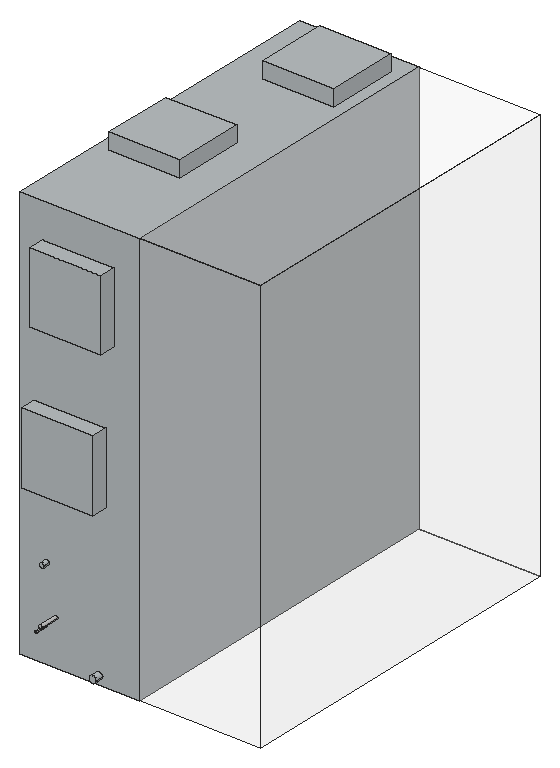
Revit family "lb-150_200df8-50_50Hz", category 機械設備, Revit 2019
Family settings
  丸型コネクタ寸法 = 直径を使用
  パーツ タイプ = 標準
  OmniClass 番号 = 23.75.10.34.21
  OmniClass タイトル = Heat Exchangers for Ventilation Air
  作業面ベース = いいえ
  常に垂直 = はい
  ロード時にボイドで切り取り = いいえ
  共有 = いいえ
  部屋計算ポイント = いいえ
Parameters (values of type "LB-150DF8-60")
  騒音レベル(dB(A)) = 45.5
  風量 = 1500.0 m³/h
  面風速 = 3.4 m/s
  電源種別 [instance] = ""
  電圧 = 200 V
  電動機出力 = 0 W
  集中コントローラ = ""
  運転質量 = 0.00 kg
  連動 [instance] = ""
  質量 = if(製品質量 > 運転質量, 製品質量, 運転質量) * 1.2  # 456.00 kg
  負荷分類 = 3_ファン類
  説明 = "設備用ロスナイ 床置ビルトイン形加熱加湿付"
  設計風量 = 0.0 m³/h
  設置方法 = "床置形"
  記号 [instance] = ""
  製造元 = "三菱電機株式会社"
  製品質量 = 380.00 kg
  製品出荷対象 = "国内"
  製品リリース年月 = "2021/4/1"
  製品グループ = ""
  給水管_W = 133 mm
  給水管_H = 452 mm
  給水管_Depth = 29 mm
  系統 [instance] = ""
  符号 = "HEU"
  積算_科目 = "1 空気調和設備"
  積算_拾い区分 [instance] = ""
  相 = 3
  盤記号 [instance] = ""
  発停方法 [instance] = ""
  特殊仕様 [instance] = ""
  火災停止 [instance] = ""
  温度交換効率 = 70.00%
  消費電力 = 1500 W
  法定耐用年数 = "15"
  機外静圧_排気 = 185.0 Pa
  機外静圧 = 185.0 Pa
  極数 = 3
  材質 [instance] = ""
  本体固定用穴ピッチ2 = 1680 mm
  本体固定用穴ピッチ1 = 460 mm
  本体固定用穴_径 = 20 mm
  本体マテリアル = 溶融亜鉛めっき鋼板
  有効加湿量 = 8.3
  操作・制御方式 = ""
  操作・制御スイッチ = ""
  排気量 = 0.0 m³/h
  形式 = "床置形"
  幹線記号 [instance] = ""
  対象室 [instance] = ""
  実風量 = 0.0 m³/h
  始動方式 [instance] = "直入"
  外気量 = 0.0 m³/h
  呼称 = "全熱交換ユニット"
  周波数 = 60 Hz
  参照している仕様書等のバージョン = "公共建築工事標準仕様書（機械設備工事編）平成31年度版"
  加湿給水管径 = 21.7 mm
  初期抵抗 = 0.0 Pa
  分類コード = "50052504100050"
  分類グループ = ""
  冷媒液管径 = 9.52 mm
  冷媒液管_W = 127 mm
  冷媒液管_H = 169 mm
  冷媒液管_Depth = 59 mm
  冷媒ガス管径 = 15.88 mm
  冷媒ガス管_W = 52 mm
  冷媒ガス管_H = 55 mm
  冷媒ガス管_Depth = 95 mm
  価格 = 0
  企業コード = "108420"
  付属品_フィルター_還気 = ""
  付属品_フィルター = ""
  付属品 [instance] = ""
  仕様書バージョン = "Version1.0"
  Model = "LB-150DF8-60"
  メンテナンススペース = yes
  ドレン管径 = 34 mm
  ドレン管_W = 200 mm
  ドレン管_H = 41 mm
  ドレン管_Depth = 37 mm
  コメント [instance] = ""
  Keynote = ""
  エンタルピ交換効率_暖房 = 69.50%
  エンタルピ交換効率_冷房 = 67.00%
  Assembly Code = ""
  Width = 590 mm
  Version = ""
  Uniclass2015Version = "Systems v1.9"
  Uniclass2015Title = "Thermal wheels"
  Uniclass2015Code = "Pr_60_60_36_88"
  URL = "https://www.mitsubishielectric.co.jp/ldg/wink/ssl/displayProduct.do?pid=311597"
  SpecificationReference = ""
  SpecificationDescription = ""
  SAサイズ_W = 352 mm
  SAサイズ_D = 352 mm
  Revision = ""
  RAサイズ_W = 352 mm
  RAサイズ_D = 352 mm
  ProductInformation = ""
  OmniClassCode = "23-27 23 19 11"
  OAサイズ_W = 352 mm
  OAサイズ_D = 352 mm
  MIN風量 = 0.0 m³/h
  MIN静圧 = 0.0 Pa
  MID風量 = 0.0 m³/h
  MID静圧 = 0.0 Pa
  MAX風量 = 1500.0 m³/h
  MAX静圧 = 185.0 Pa
  IfcTypeProduct = ""
  IfcProduct = ""
  IfcExportType = "ROTARYWHEEL"
  IfcExportAs = "IfcAirToAirHeatRecoveryType"
  Height = 2047 mm
  EAサイズ_W = 352 mm
  EAサイズ_D = 352 mm
  Duct_SA_W = 165 mm
  Duct_SA_H = 798 mm
  Duct_RA_W = 125 mm
  Duct_RA_H = 372 mm
  Duct_OA_W = 174 mm
  Duct_OA_D = 458 mm
  Duct_Height = 80 mm
  Duct_EA_W = 61 mm
  Duct_EA_D = 98 mm
  Depth = 1730 mm
  Clearance Top = 0 mm
  Clearance Right = 600 mm
  Clearance Left = 0 mm
  Clearance Front = 0 mm
  Clearance Bottom = 0 mm
  Clearance Back = 0 mm
  Author = "三菱電機株式会社"
Types (2, lengths in mm): name | 騒音レベル(dB(A)) | 風量 | 面風速 | 質量 | 製品質量 | 消費電力 | 有効加湿量 | Model | エンタルピ交換効率_暖房 | URL | SAサイズ_D | RAサイズ_W | OAサイズ_W | MAX風量 | EAサイズ_W | Duct_SA_H | Duct_RA_W | Duct_OA_W
  LB-150DF8-60 | 45.5 | 1500.0 m³/h | 3.4 m/s | 456.00 kg | 380.00 kg | 1500 W | 8.3 | "LB-150DF8-60" | 69.50% | "https://www.mitsubishielectric.co.jp/ldg/wink/ssl/displayProduct.do?pid=311597" | 352 | 352 | 352 | 1500.0 m³/h | 352 | 798 | 125 | 174
  LB-200DF8-60 | 47 | 2000.0 m³/h | 3.53 m/s | 468.00 kg | 390.00 kg | 2100 W | 9.7 | "LB-200DF8-60" | 69.00% | "https://www.mitsubishielectric.co.jp/ldg/wink/ssl/displayProduct.do?pid=311610" | 452 | 452 | 452 | 2000.0 m³/h | 452 | 698 | 74 | 74
Reference planes
  plane 1 "中心(正面/背面)": y = 0
  plane 2: z = 0
  plane 3 "中心(左/右)": x = 0
  plane 4: x = 295
  plane 5: y = 865
  plane 6: y = -865
  plane 7: x = -295
  plane 8: y = -219
  plane 9: y = 591
  plane 10: y = -43
  plane 11: y = -395
  plane 12: y = 767
  plane 13: y = 415
  plane 14: x = -231
  plane 15: x = 121
  plane 16: z = 2047
  plane 17: z = 2127
  plane 18: y = 840
  plane 19: y = -840
  plane 20: x = -230
  plane 21: x = 230
  plane 22: x = 895
  plane 23: x = -295
  plane 24: y = 865
  plane 25: y = -865
  plane 26: z = 2047
  plane 27: z = 0
  plane 28: x = 234
  plane 29: x = -118
  plane 30: z = 798
  plane 31: z = 1150
  plane 32: z = 1874
  plane 33: z = 1522
  plane 34: x = 130
  plane 35: x = -222
  plane 36: x = 170
  plane 37: x = -182
  plane 38: y = -945
  plane 39: x = 95
  plane 40: z = 41
  plane 41: x = -162
  plane 42: z = 452
  plane 43: y = -894
  plane 44: y = -902
  plane 45: x = -168
  plane 46: z = 169
  plane 47: x = -116
  plane 48: z = 224
  plane 49: y = -960
  plane 50: y = -924
Forms (mm)
  Extrusion 1, solid, material "溶融亜鉛めっき鋼板" <- "本体マテリアル", detail levels fine
    sketch origin (0, 0, 0) x (1, 0, 0) y (0, 1, 0)
      loop
        line (-295, 865) -> (-295, -865) -> (295, -865) -> (295, 865) -> (-295, 865)
    from 0 to 2047
  Extrusion 2, solid, material "溶融亜鉛めっき鋼板" <- "本体マテリアル", detail levels fine
    sketch origin (0, 0, 0) x (1, 0, 0) y (0, 1, 0)
      loop
        line (-118, 767) -> (-118, 415) -> (234, 415) -> (234, 767) -> (-118, 767)
      loop
        line (-231, -43) -> (-231, -395) -> (121, -395) -> (121, -43) -> (-231, -43)
    from 2047 to 2127
  Extrusion 3, solid, material "溶融亜鉛めっき鋼板" <- "本体マテリアル", detail levels fine
    sketch origin (0, 0, 0) x (1, 0, 0) y (0, 0, 1)
      loop
        line (130, 798) -> (130, 1150) -> (-222, 1150) -> (-222, 798) -> (130, 798)
      loop
        line (170, 1874) -> (-182, 1874) -> (-182, 1522) -> (170, 1522) -> (170, 1874)
    from 865 to 945
  Extrusion 4, solid, material "溶融亜鉛めっき鋼板" <- "本体マテリアル", detail levels fine
    sketch origin (0, 0, 0) x (1, 0, 0) y (0, 0, 1)
      loop
        circle (95, 41) r 17
    from 865 to 902
  Extrusion 5, solid, material "溶融亜鉛めっき鋼板" <- "本体マテリアル", detail levels fine
    sketch origin (0, 0, 0) x (1, 0, 0) y (0, 0, 1)
      loop
        circle (-162, 452) r 10.85
    from 865 to 894
  Extrusion 6, solid
    sketch origin (0, 0, 0) x (1, 0, 0) y (0, 0, 1)
      loop
        circle (-168, 169) r 4.76
    from 865 to 924
  Extrusion 7, solid
    sketch origin (0, 0, 0) x (1, 0, 0) y (0, 0, 1)
      loop
        circle (-116, 224) r 7.94
    from 865 to 960
Lines and regions (mm)
  Masking region 1, detail levels coarse+medium
    outline origin (1331.5, 88, 0) x (1, 0, 0) y (0, 1, 0)
      loop
        line (-1626.5, 777) -> (-1626.5, -953) -> (-1036.5, -953) -> (-1036.5, 777) -> (-1626.5, 777)
  symbolic lines, detail levels coarse+medium
    curve 1: line (0, 865, 0) -> (-295, 0, 0)
    curve 2: line (-295, 0, 0) -> (0, -865, 0)
    curve 3: line (0, -865, 0) -> (295, 0, 0)
    curve 4: line (0, 865, 0) -> (295, 0, 0)
Dimensions and locks
  equal spacing: plane 5, plane 1 "中心(正面/背面)", plane 6
  "Depth": plane 5 to plane 6
  equal spacing: plane 11, plane 8, plane 10
  "OAサイズ_D": plane 11 to plane 10
  equal spacing: plane 13, plane 9, plane 12
  "EAサイズ_D": plane 13 to plane 12
  "Duct_Height": plane 17 to plane 16
  equal spacing: plane 20, plane 3 "中心(左/右)", plane 21
  "本体固定用穴ピッチ1": plane 20 to plane 21
  "Clearance Right": plane 4 to plane 22
  "Clearance Left": plane 23 to plane 7
  "Clearance Back": plane 24 to plane 5
  "Clearance Front": plane 6 to plane 25
  "Clearance Top": plane 26 to plane 16
  "Clearance Bottom": level to plane 27
  equal spacing: plane 7, plane 3 "中心(左/右)", plane 4
  "Width": plane 7 to plane 4
  "Height": plane 26 to level
  "Duct_OA_D": plane 13 to plane 10
  "Duct_EA_D": plane 5 to plane 12
  "Duct_OA_W": plane 15 to plane 4
  "OAサイズ_W": plane 14 to plane 15
  "Duct_EA_W": plane 28 to plane 4
  "EAサイズ_W": plane 29 to plane 28
  "Duct_SA_H": plane 30 to level
  "SAサイズ_D": plane 31 to plane 30
  "Duct_RA_H": plane 33 to plane 31
  "RAサイズ_D": plane 32 to plane 33
  "Duct_SA_W": plane 4 to plane 34
  "SAサイズ_W": plane 34 to plane 35
  "RAサイズ_W": plane 36 to plane 37
  "Duct_RA_W": plane 4 to plane 36
  "Duct_Height": plane 6 to plane 38
  "ドレン管_W": plane 4 to plane 39
  "ドレン管_H": plane 40 to level
  "給水管_W": plane 41 to plane 7
  "給水管_H": plane 42 to level
  "給水管_Depth": plane 6 to plane 43
  "ドレン管_Depth": plane 6 to plane 44
  "本体固定用穴ピッチ2": plane 19 to plane 18
  equal spacing: plane 18, plane 1 "中心(正面/背面)", plane 19
  "冷媒液管_W": plane 45 to plane 7
  "冷媒液管_H": plane 46 to level
  "冷媒ガス管_W": plane 47 to plane 45
  "冷媒ガス管_H": plane 48 to plane 46
  "冷媒ガス管_Depth": plane 49 to plane 6
  "冷媒液管_Depth": plane 6 to plane 50
  "ドレン管径": diameter of Extrusion 4 sketch curve
  "加湿給水管径": diameter of Extrusion 5 sketch curve
  "冷媒液管径": diameter of Extrusion 6 sketch curve
  "冷媒ガス管径": diameter of Extrusion 7 sketch curve
  aligned and locked: level to plane 2
  aligned and locked: Extrusion 1 sketch curve to plane 5
  aligned and locked: Extrusion 1 sketch curve to plane 6
  aligned and locked: Extrusion 2 sketch curve to plane 12
  aligned and locked: Extrusion 2 sketch curve to plane 13
  aligned and locked: Extrusion 2 sketch curve to plane 10
  aligned and locked: plane 14 to Extrusion 2 sketch curve
  aligned and locked: Extrusion 2 sketch curve to plane 11
  aligned and locked: plane 15 to Extrusion 2 sketch curve
  aligned and locked: Masking region 1 to plane 7
  aligned and locked: Masking region 1 to curve 1  (x2)
  aligned and locked: Masking region 1 to curve 2
  aligned and locked: plane 16 to Extrusion 1
  aligned and locked: plane 17 to Extrusion 2
  aligned and locked: Extrusion 2 to plane 16
  aligned and locked: plane 22 to nested 1
  aligned and locked: nested 1 to plane 25
  aligned and locked: nested 1 to plane 24
  aligned and locked: nested 1 to plane 26
  aligned and locked: nested 1 to plane 27
  aligned and locked: plane 19 to nested 2
  aligned and locked: plane 20 to nested 2
  aligned and locked: nested 2 to plane 21
  aligned and locked: plane 20 to nested 3
  aligned and locked: nested 3 to plane 21
  aligned and locked: nested 3 to plane 18
  aligned and locked: nested 1 to plane 23
  aligned and locked: plane 4 to Extrusion 1 sketch curve
  aligned and locked: Masking region 1 to curve 3
  aligned and locked: Masking region 1 to plane 4
  aligned and locked: plane 5 to Masking region 1
  aligned and locked: plane 6 to Masking region 1
  aligned and locked: Extrusion 1 to level
  aligned and locked: Extrusion 2 sketch curve to plane 28
  aligned and locked: plane 29 to Extrusion 2 sketch curve
  aligned and locked: plane 30 to Extrusion 3 sketch curve
  aligned and locked: Extrusion 3 sketch curve to plane 34
  aligned and locked: Extrusion 3 sketch curve to plane 31
  aligned and locked: plane 35 to Extrusion 3 sketch curve
  aligned and locked: plane 32 to Extrusion 3 sketch curve
  aligned and locked: plane 36 to Extrusion 3 sketch curve
  aligned and locked: Extrusion 3 sketch curve to plane 33
  aligned and locked: Extrusion 3 sketch curve to plane 37
  aligned and locked: Extrusion 3 to plane 38
  aligned and locked: Extrusion 3 to plane 6
  aligned and locked: Extrusion 5 to plane 43
  aligned and locked: Extrusion 5 to plane 6
  aligned and locked: Extrusion 4 to plane 6
  aligned and locked: Extrusion 4 to plane 44
  aligned and locked: Extrusion 7 to plane 6
  aligned and locked: Extrusion 7 to plane 49
  aligned and locked: Extrusion 6 to plane 50
  aligned and locked: Extrusion 6 to plane 6
Automatic sketch dimensions
  plane 4 to Masking region 1 sketch curve = 0 mm
  Masking region 1 sketch curve to plane 7 = 0 mm
  Extrusion 1 sketch curve to plane 7 = 0 mm
  Masking region 1 sketch curve to plane 5 = 0 mm
  Masking region 1 sketch curve to plane 6 = 0 mm
  plane 1 "中心(正面/背面)" to curve 1 = 0 mm
  curve 1 to plane 7 = 0 mm
  curve 2 to plane 3 "中心(左/右)" = 0 mm
  curve 4 to plane 3 "中心(左/右)" = 0 mm
  plane 1 "中心(正面/背面)" to curve 3 = 0 mm
  curve 3 to plane 6 = 0 mm
  Extrusion 4 sketch curve to plane 39 = 0 mm
  Extrusion 4 sketch curve to plane 40 = 0 mm
  Extrusion 5 sketch curve to plane 41 = 0 mm
  Extrusion 5 sketch curve to plane 42 = 0 mm
  Extrusion 6 sketch curve to plane 45 = 0 mm
  Extrusion 6 sketch curve to plane 46 = 0 mm
  Extrusion 7 sketch curve to plane 47 = 0 mm
  Extrusion 7 sketch curve to plane 48 = 0 mm
Nested families
  nested 1: "メンテナンススペース" at (300, 0, 1023.5), visible <- "メンテナンススペース", type "メンテナンススペース"
    with Width 1190 mm, Height 2047 mm, Depth 1730 mm
  nested 2: "固定点" at (-230, -840, 0), type "固定点"
    with W 460 mm, D 1000 mm
  nested 3: "固定点" at (-230, 840, 0), type "固定点"
    with W 460 mm, D 1000 mm
Connectors
  hvac at (-55, -219, 2127), driven by "OAサイズ_D", driven by "OAサイズ_W", driven by "機外静圧", driven by "外気量"
    settings: on Extrusion 2, index 3, duct flow 0.0 m³/h, flow factor 0, pres drop 185.0 Pa, loss coef 0, conn angle 0.00°, conn width 352 mm, conn height 352 mm, conn diameter 609.6 mm, duct sys type 4, conn prof type 1, flow config 0, flow direction 1, loss method 4, conn ref index -1, conn util no, is conn primary no, conn desc ""
  hvac at (58, 591, 2127), driven by "EAサイズ_D", driven by "EAサイズ_W", driven by "機外静圧_排気", driven by "排気量"
    settings: on Extrusion 2, index 4, duct flow 0.0 m³/h, flow factor 0, pres drop 185.0 Pa, loss coef 0, conn angle 0.00°, conn width 352 mm, conn height 352 mm, conn diameter 609.6 mm, duct sys type 3, conn prof type 1, flow config 0, flow direction 2, loss method 4, conn ref index -1, conn util no, is conn primary no, conn desc ""
  electrical at (295, 0, 1023.5), driven by "極数", driven by "負荷分類", driven by "電圧", driven by "消費電力"
    settings: on Extrusion 1, index 5, voltage 200 V, apparent load 1500 VA, apparent load phase1 0 VA, apparent load phase2 0 VA, apparent load phase3 0 VA, power factor 1, load classification "3_ファン類", number of poles 3, system type 30, power factor state 1, is connector primary yes, connector utility no, sub classification motor no, connector description ""
  hvac at (-46, -945, 974), driven by "SAサイズ_D", driven by "SAサイズ_W", driven by "機外静圧", driven by "風量"
    settings: on Extrusion 3, index 6, duct flow 1500.0 m³/h, flow factor 0, pres drop 185.0 Pa, loss coef 0, conn angle 0.00°, conn width 352 mm, conn height 352 mm, conn diameter 609.6 mm, duct sys type 1, conn prof type 1, flow config 0, flow direction 2, loss method 4, conn ref index -1, conn util no, is conn primary yes, conn desc ""
  hvac at (-6, -945, 1698), driven by "RAサイズ_D", driven by "RAサイズ_W", driven by "機外静圧", driven by "風量"
    settings: on Extrusion 3, index 7, duct flow 1500.0 m³/h, flow factor 0, pres drop 185.0 Pa, loss coef 0, conn angle 0.00°, conn width 352 mm, conn height 352 mm, conn diameter 609.6 mm, duct sys type 2, conn prof type 1, flow config 0, flow direction 1, loss method 4, conn ref index -1, conn util no, is conn primary no, conn desc ""
  piping at (-162, -894, 452), diameter 21.7, driven by "加湿給水管径"
    settings: on Extrusion 5, index 8, connector inside diameter 609.6 mm, connector length 0 mm, flow factor 0, pipe flow 0.0 L/s, pressure drop 0.0 Pa, fitting loss kfactor 0, connector angle 0.00°, fixture units 0, engagement length 0 mm, angle of deflection 0.00°, flow configuration 0, flow direction 1, fitting loss method 0, system type 20, joint type 0, gender type 0, connector reference index -1, connector utility 0, adjustable connector no, is connector primary yes, connector description ""
  piping at (95, -902, 41), diameter 34, driven by "ドレン管径"
    settings: on Extrusion 4, index 9, connector inside diameter 609.6 mm, connector length 0 mm, flow factor 0, pipe flow 0.0 L/s, pressure drop 0.0 Pa, fitting loss kfactor 0, connector angle 0.00°, fixture units 0, engagement length 0 mm, angle of deflection 0.00°, flow configuration 0, flow direction 2, fitting loss method 0, system type 16, joint type 0, gender type 0, connector reference index -1, connector utility 0, adjustable connector no, is connector primary no, connector description ""
  piping at (-116, -960, 224), diameter 15.88, driven by "冷媒ガス管径"
    settings: on Extrusion 7, index 10, connector inside diameter 609.6 mm, connector length 0 mm, flow factor 0, pipe flow 0.0 L/s, pressure drop 0.0 Pa, fitting loss kfactor 0, connector angle 0.00°, fixture units 0, engagement length 0 mm, angle of deflection 0.00°, flow configuration 0, flow direction 1, fitting loss method 4, system type 7, joint type 0, gender type 0, connector reference index -1, connector utility 0, adjustable connector no, is connector primary no, connector description ""
  piping at (-168, -924, 169), diameter 9.52, driven by "冷媒液管径"
    settings: on Extrusion 6, index 11, connector inside diameter 609.6 mm, connector length 0 mm, flow factor 0, pipe flow 0.0 L/s, pressure drop 0.0 Pa, fitting loss kfactor 0, connector angle 0.00°, fixture units 0, engagement length 0 mm, angle of deflection 0.00°, flow configuration 0, flow direction 1, fitting loss method 4, system type 7, joint type 0, gender type 0, connector reference index -1, connector utility 0, adjustable connector no, is connector primary no, connector description ""
Definition of nested family "メンテナンススペース"
  Parameters (values of type "メンテナンススペース")
    Width [instance] = 500 mm
    Height [instance] = 500 mm
    Depth [instance] = 500 mm
  Reference planes
    plane 1 "中心(正面/背面)": y = 0
    plane 2: z = 0
    plane 3 "中心(左/右)": x = 0
    plane 4: y = -250
    plane 5: x = 250
    plane 6: y = 250
    plane 7: x = -250
    plane 8: z = 250
    plane 9: z = -250
  Forms (mm)
    Extrusion 1, solid
      sketch origin (-638.939, 0, 72.39) x (1, 0, 0) y (0, 1, 0)
        loop
          line (388.939, 250) -> (388.939, -250) -> (888.939, -250) -> (888.939, 250) -> (388.939, 250)
      from -322.39 to 177.61
  Lines and regions (mm)
    symbolic lines
      curve 1: line (-250, 0, 250) -> (250, 0, 250)
      curve 2: line (-250, 0, -250) -> (-250, 0, 250)
      curve 3: line (250, 0, -250) -> (-250, 0, -250)
      curve 4: line (250, 0, 250) -> (250, 0, -250)
      curve 5: line (0, -250, 250) -> (0, 250, 250)
      curve 6: line (0, -250, -250) -> (0, -250, 250)
      curve 7: line (0, 250, -250) -> (0, -250, -250)
      curve 8: line (0, 250, 250) -> (0, 250, -250)
      curve 9: line (-250, 250, 0) -> (250, 250, 0)
      curve 10: line (-250, -250, 0) -> (-250, 250, 0)
      curve 11: line (250, -250, 0) -> (-250, -250, 0)
      curve 12: line (250, 250, 0) -> (250, -250, 0)
  Dimensions and locks
    equal spacing: plane 7, plane 3 "中心(左/右)", plane 5
    equal spacing: plane 4, plane 1 "中心(正面/背面)", plane 6
    "Depth": plane 4 to plane 6
    "Width": plane 7 to plane 5
    equal spacing: plane 8, plane 2, plane 9
    "Height": plane 8 to plane 9
    aligned and locked: plane 9 to curve 3
    aligned and locked: plane 7 to curve 2
    aligned and locked: curve 4 to plane 5
    aligned and locked: plane 5 to Extrusion 1
    aligned and locked: Extrusion 1 to plane 7
    aligned and locked: Extrusion 1 to plane 9
    aligned and locked: plane 8 to Extrusion 1
    aligned and locked: plane 9 to curve 7
  Automatic sketch dimensions
    plane 4 to Extrusion 1 sketch curve = 0 mm
    Extrusion 1 sketch curve to plane 7 = 0 mm
    Extrusion 1 sketch curve to plane 5 = 0 mm
    plane 6 to Extrusion 1 sketch curve = 0 mm
    curve 2 to plane 8 = 0 mm
    plane 4 to curve 11 = 0 mm
    curve 11 to plane 7 = 0 mm
    curve 11 to plane 5 = 0 mm
    plane 6 to curve 10 = 0 mm
    curve 7 to plane 4 = 0 mm
    curve 7 to plane 6 = 0 mm
    curve 6 to plane 8 = 0 mm
Definition of nested family "固定点"
  Parameters (values of type "固定点")
    中心円 = 20 mm
    W [instance] = 1000 mm
    D [instance] = 1000 mm
  Reference planes
    plane 1 "中心(正面/背面)": y = 0
    plane 2: z = 0
    plane 3 "中心(左/右)": x = 0
    plane 4: x = 1000
  Lines and regions (mm)
    symbolic lines, detail levels fine
      curve 1: circle (0, 0, 0) r 10 normal (0, 0, 1)
      curve 2: circle (1000, 0, 0) r 10 normal (0, 0, 1)
      curve 3: line (-200, 0, 0) -> (1200, 0, 0)
      curve 4: line (0, 200, 0) -> (0, -200, 0)
      curve 5: line (1000, 200, 0) -> (1000, -200, 0)
  Dimensions and locks
    "W": plane 3 "中心(左/右)" to plane 4
    "中心円": diameter of curve 1
    "中心円": diameter of curve 2
    aligned and locked: level to plane 2
    aligned and locked: plane 3 "中心(左/右)" to curve 1
    aligned and locked: plane 1 "中心(正面/背面)" to curve 1
    aligned and locked: plane 1 "中心(正面/背面)" to curve 2
    aligned and locked: plane 4 to curve 2
    aligned and locked: plane 1 "中心(正面/背面)" to curve 3
    aligned and locked: curve 4 to plane 3 "中心(左/右)"
    aligned and locked: curve 5 to plane 4
  Automatic sketch dimensions
    curve 3 to plane 3 "中心(左/右)" = 200 mm
    curve 2 to curve 3 = 200 mm
    plane 1 "中心(正面/背面)" to curve 4 = 200 mm
    plane 1 "中心(正面/背面)" to curve 5 = 200 mm
    curve 5 to plane 1 "中心(正面/背面)" = 200 mm
    curve 4 to plane 1 "中心(正面/背面)" = 200 mm
Types in the file's own list only (2): name | 騒音レベル(dB(A)) | 風量 | 面風速 | 質量 | 製品質量 | 消費電力 | 有効加湿量 | 周波数 | 加湿給水管径 | 冷媒液管径 | 冷媒ガス管径 | 価格 | モデル | メンテナンススペース | エンタルピ交換効率_暖房 | URL | SAサイズ_D | RAサイズ_W | OAサイズ_W | MAX風量 | EAサイズ_W | Duct_SA_H | Duct_RA_W | Duct_OA_W
  LB-150DF8-50 | 45 | 1500.0 m³/h | 3.4 m/s | 456.00 kg | 380.00 kg | 1260 W | 8.3 | 50 Hz | 22 mm | 10 mm | 16 mm | 0.00 $ | LB-150DF8-50 | はい | 69.50% | "https://www.mitsubishielectric.co.jp/ldg/wink/ssl/displayProduct.do?pid=311598" | 352 mm | 352 mm | 352 mm | 1500.0 m³/h | 352 mm | 798 mm | 125 mm | 174 mm
  LB-200DF8-50 | 46 | 2000.0 m³/h | 3.5 m/s | 468.00 kg | 390.00 kg | 1700 W | 9.7 | 50 Hz | 22 mm | 10 mm | 16 mm | 0.00 $ | LB-200DF8-50 | はい | 69.00% | "https://www.mitsubishielectric.co.jp/ldg/wink/ssl/displayProduct.do?pid=311612" | 452 mm | 452 mm | 452 mm | 2000.0 m³/h | 452 mm | 698 mm | 74 mm | 74 mm
